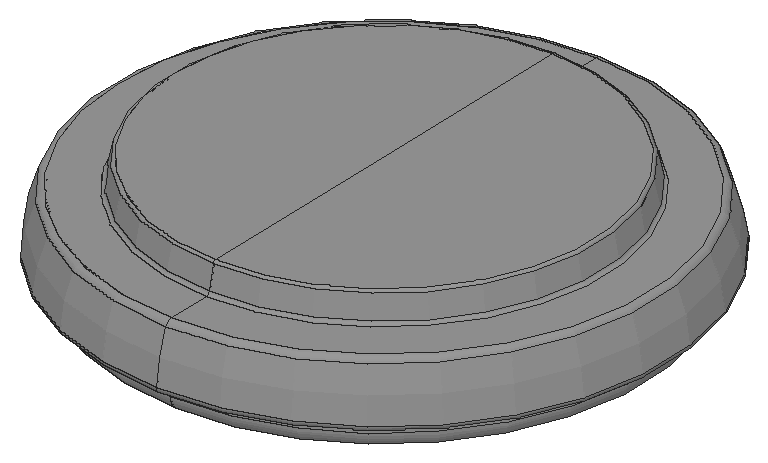
Revit family "FMK11_63_UN_Surface-mounted_ETK", category Lighting Fixtures, Revit 2017 (continued)
Definition of nested family "FMK.1 - Lightsource"
  Types (13, lengths in mm): name | Wattage Comments | Photometric Web File | built-in parameter 1150142 | Apparent Load
      537.1923\t510.3185\t483.5692\t456.7314\t429.1337\r\n401.576\t374.0792\t343.7273\t313.8252\t284.3692\t255.4331\t225.3259\t196.5097\t168.4813\t140.3186\r\n113.6458\t88.3264\t18.7483\t0\t0\t0\r\n874.5378\t873.5718\t871.3143\t868.2482\t864.0699\t858.7769\t852.7475\t845.0684\t836.6126\t826.9223\r\n816.0356\t804.4589\t791.4169\t777.3062\t762.6625\t747.446\t730.8942\t712.4232\t692.6625\t672.1055\r\n651.0285\t629.2854\t606.6172\t583.5472\t559.7246\t535.5937\t510.998\t484.7145\t456.6754\t428.5854\r\n400.4188\t372.2688\t344.6054\t314.312\t284.0728\t254.4418\t225.5761\t195.949\t167.9463\t140.4687\r\n113.4379\t88.1362\t71.0875\t0\t0\t0\r\n874.5378\t873.5778\t871.6724\t868.2862\t864.0811\t858.7397\t852.5389\t845.0283\t836.473\t826.8146\r\n815.9634\t804.3563\t791.3211\t777.2327\t762.3076\t746.381\t729.7628\t712.3959\t693.7249\t673.7875\r\n651.7581\t629.8357\t606.8066\t583.4555\t559.2172\t534.5241\t509.2913\t483.5462\t457.6773\t429.0467\r\n400.3767\t371.4921\t342.6683\t314.0384\t285.1107\t254.3394\t224.7361\t196.0291\t167.3291\t140.3142\r\n113.4771\t87.9507\t64.3151\t0\t0\t0\r\n874.5378\t873.5822\t871.7051\t868.3368\t864.1141\t858.7394\t852.5027\t844.8246\t836.3773\t826.6924\r\n815.914\t804.2489\t791.2202\t777.1011\t762.2471\t746.2464\t729.1785\t711.2863\t692.7002\t673.907\r\n652.9753\t631.371\t607.691\t583.9619\t559.5607\t534.4564\t508.8191\t482.5071\t455.9153\t428.6437\r\n401.3324\t371.8328\t342.2571\t312.8981\t283.7646\t255.346\t224.8809\t195.4228\t167.3581\t139.5585\r\n113.6418\t87.8922\t64.2382\t8.706\t0\t0\r\n874.5378\t873.5855\t871.7317\t868.4005\t864.1694\t858.7759\t852.5146\t844.7936\t836.1476\t826.5974\r\n815.8414\t804.1179\t791.1641\t777.044\t762.0179\t746.1226\t729.0074\t711.1016\t692.1581\t672.6484\r\n651.8985\t630.7307\t608.7859\t585.4082\t561.0742\t535.2728\t509.3136\t482.5582\t455.4728\t427.7626\r\n399.6408\t371.2677\t343.0502\t313.125\t283.1277\t253.5897\t224.8549\t196.0482\t166.9112\t139.4606\r\n112.7413\t87.9277\t63.9944\t42.3586\t0\t0\r\n874.5378\t873.5867\t871.752\t868.8147\t864.2468\t858.849\t852.5761\t844.8291\t836.1248\t826.402\r\n815.637\t804.0021\t791.0582\t776.9612\t761.8798\t746.0517\t728.897\t710.9614\t691.981\t672.329\r\n651.562\t630.0115\t607.5707\t584.3569\t560.6494\t536.4327\t510.8587\t484.1069\t456.3937\t428.1489\r\n399.4861\t370.6147\t341.6019\t312.4602\t283.6857\t253.9408\t223.9958\t195.1331\t167.5701\t139.3336\r\n112.468\t87.1663\t63.2402\t40.6889\t0\t0\r\n874.5378\t873.5864\t871.7659\t868.866\t864.6865\t858.9584\t852.6887\t844.932\t836.1945\t826.4508\r\n815.6455\t803.7881\t790.8174\t776.7697\t761.7967\t745.9151\t728.7914\t710.8409\t691.8706\t672.1189\r\n651.3591\t629.7749\t607.3922\t583.9006\t559.9617\t534.9928\t509.4867\t483.2704\t456.729\t429.5082\r\n401.0192\t371.6464\t342.0585\t312.3406\t282.6359\t252.9848\t223.8483\t195.2469\t166.3321\t138.9274\r\n113.0255\t86.7975\t60.6338\t37.9787\t3.2939\t0\r\n874.5378\t873.5845\t871.7728\t868.9005\t864.7517\t859.4224\t853.2247\t845.4756\t836.3574\t826.6182\r\n815.79\t803.8796\t790.8889\t776.8446\t761.7449\t745.7291\t728.656\t710.7077\t691.7462\t672.0155\r\n651.2864\t629.6375\t607.2429\t583.7384\t559.671\t534.6776\t509.0904\t482.6916\t455.7454\t428.1152\r\n399.9317\t371.2801\t342.2965\t313.1357\t283.8677\t254.0802\t224.01\t194.5414\t166.0764\t138.5035\r\n111.8912\t86.6696\t59.8677\t33.7962\t18.8956\t0\r\n874.5378\t873.5807\t871.7731\t868.9176\t864.7847\t859.4872\t853.3246\t845.6225\t836.9152\t827.2348\r\n816.4319\t804.4961\t791.5391\t777.5398\t762.0928\t745.9632\t728.9504\t711.0046\t692.0376\t672.115\r\n651.4037\t629.6678\t607.2565\t583.8433\t559.7558\t534.7614\t509.1452\t482.7008\t455.6668\t427.9771\r\n399.7331\t370.9579\t341.8861\t312.4368\t282.6709\t253.1872\t223.7471\t194.3836\t166.4978\t139.1964\r\n112.0848\t86.278\t61.7421\t29.4463\t15.7909\t0\r\n874.5378\t873.5755\t871.7661\t868.9174\t864.7857\t859.4991\t853.3397\t845.6535\t836.9663\t827.3039\r\n816.4996\t804.5916\t791.6701\t777.722\t762.7344\t746.5279\t729.6284\t711.7409\t692.8269\t672.8605\r\n652.2142\t630.4644\t608.0729\t584.7833\t560.762\t535.7658\t510.192\t483.7714\t456.7989\t428.9026\r\n400.6212\t371.8524\t342.6601\t313.1727\t283.557\t253.9669\t224.4794\t195.2484\t166.903\t139.071\r\n112.2525\t86.6658\t62.555\t33.1958\t13.3965\t10.8428\r\n874.5378\t873.5683\t871.7522\t868.9\t864.7542\t859.4576\t853.27\t845.5682\t836.871\t827.168\r\n816.3012\t804.3925\t791.4245\t777.4274\t762.0274\t745.8074\t728.8085\t710.8932\t691.9384\t671.9543\r\n651.2316\t629.4622\t607.0318\t583.6717\t559.5989\t534.5809\t508.8838\t482.5296\t455.4505\t427.7122\r\n399.497\t370.5209\t341.4888\t311.9798\t282.4217\t252.9404\t223.3652\t194.0868\t166.1129\t138.7711\r\n111.6707\t85.6632\t61.9355\t31.745\t14.7161\t0\r\n874.5378\t873.5594\t871.7314\t868.8655\t864.6902\t859.3634\t853.116\t845.367\t836.2714\t826.4828\r\n815.5296\t803.6718\t790.659\t776.6219\t761.6045\t745.4178\t728.3728\t710.4776\t691.5383\t671.6976\r\n650.9256\t629.2107\t606.7719\t583.4136\t559.3399\t534.3123\t508.5781\t482.3166\t455.2757\t427.4838\r\n399.4251\t370.5529\t341.6624\t312.4964\t283.2118\t253.4384\t223.2804\t193.749\t165.1177\t137.3662\r\n110.6576\t85.3817\t61.8435\t32.3883\t16.5386\t0\r\n874.5378\t873.5488\t871.7039\t868.8137\t864.5942\t858.8694\t852.5258\t844.7671\t836.0645\t826.2487\r\n815.2581\t803.4749\t790.4663\t776.4419\t761.5884\t745.4647\t728.38\t710.4823\t691.5428\t671.6192\r\n650.8192\t629.1405\t606.6856\t583.4004\t559.3159\t534.2642\t508.6703\t482.5708\t455.9544\t428.4128\r\n400.2011\t370.641\t341.0997\t311.2502\t281.3074\t251.6406\t222.3464\t193.5851\t164.8984\t137.482\r\n111.5561\t85.066\t61.4688\t36.8367\t2.8175\t0\r\n874.5378\t873.5366\t871.6694\t868.7447\t864.1252\t858.7295\t852.3629\t844.6134\t835.95\t826.1321\r\n815.1286\t803.586\t790.5828\t776.5418\t761.5393\t745.4367\t728.3358\t710.4255\t691.4979\t671.6068\r\n650.8316\t629.146\t606.7062\t583.6236\t559.612\t535.2815\t509.4116\t483.0524\t455.0708\t426.7148\r\n398.0643\t369.1044\t340.0497\t310.6902\t281.7444\t251.9973\t222.2199\t193.4802\t166.0353\t137.5909\r\n110.4203\t84.907\t61.229\t38.3068\t0\t0\r\n874.5378\t873.5227\t871.6285\t868.3112\t864.0164\t858.6254\t852.2545\t844.5295\t835.9249\t826.2812\r\n815.2254\t803.5877\t790.567\t776.4972\t761.4942\t745.4868\t728.3802\t710.3903\t691.2948\t671.5659\r\n650.9368\t629.5383\t607.7505\t584.3768\t559.6906\t533.692\t507.346\t480.9531\t453.6267\t425.8941\r\n397.6065\t369.1847\t340.8336\t310.9444\t281.1368\t251.5888\t222.9379\t194.1917\t164.9845\t137.2643\r\n110.323\t85.2793\t61.3599\t39.1384\t0\t0\r\n874.5378\t873.5071\t871.5811\t868.2301\t863.9298\t858.5572\t852.2007\t844.5146\t836.1201\t826.2817\r\n815.2028\t803.6118\t790.5441\t776.488\t761.4852\t745.4399\t728.2014\t710.3975\t691.4949\t672.5998\r\n651.8244\t629.8369\t606.2504\t582.3727\t557.7674\t532.4203\t506.4894\t480.3812\t453.6059\t426.1977\r\n398.6793\t369.3129\t339.8389\t310.5699\t281.4929\t253.1723\t222.7268\t193.2386\t165.0631\t137.0356\r\n110.8843\t85.0985\t61.4941\t8.1914\t0\t0\r\n874.5378\t873.4902\t871.5278\t868.1619\t863.8648\t858.5252\t852.2012\t844.6992\t836.1372\t826.2145\r\n815.2541\t803.5832\t790.4973\t776.4171\t761.2854\t745.3382\t728.3859\t711.3501\t692.1958\t672.2171\r\n650.2374\t628.0707\t604.9181\t581.3745\t557.0695\t531.9922\t506.5216\t480.7971\t454.8203\t426.1843\r\n397.6372\t368.8224\t340.0626\t311.5374\t282.5883\t251.8048\t222.2881\t193.527\t164.7077\t137.4862\r\n110.5445\t84.9836\t61.3334\t0\t0\t0\r\n874.5378\t873.4716\t871.1474\t868.1061\t863.8214\t858.5291\t852.4045\t844.689\t836.1072\t826.1969\r\n815.2373\t803.5188\t790.4219\t776.2264\t761.3979\t746.1378\t729.0821\t711.0239\t690.841\t670.3909\r\n649.1584\t627.2061\t604.2708\t581.0194\t557.0613\t532.5959\t507.844\t481.4188\t453.4997\t425.5058\r\n397.4694\t369.3362\t341.7743\t311.4835\t281.1792\t251.5838\t222.7303\t193.2173\t165.1013\t137.4624\r\n110.4173\t85.0342\t67.548\t0\t0\t0\r\n874.5378\t873.4518\t871.098\t868.062\t863.7991\t858.7481\t852.5\t844.6855\t836.0876\t826.1832\r\n815.211\t803.2747\t790.2758\t776.4052\t762.1799\t746.0472\t728.3438\t709.2535\t689.7636\t669.4388\r\n648.4962\t626.8384\t604.2126\t581.3408\t557.7532\t533.7776\t506.9621\t480.0893\t453.1292\t425.8497\r\n398.3428\t370.8436\t340.593\t310.68\t281.1013\t252.1371\t222.1939\t193.4646\t165.4105\t137.2273\r\n110.4684\t85.0747\t17.8491\t0\t0\t0\r\n874.5378\t873.4307\t871.0546\t868.0295\t863.7979\t858.823\t852.5238\t844.6756\t836.0531\t826.1726\r\n815.0242\t803.267\t790.536\t777.2732\t761.8659\t744.6974\t726.7811\t708.3049\t689.066\t668.8957\r\n648.2678\t626.9323\t604.8346\t582.6715\t558.3432\t532.3764\t506.2836\t480.1082\t453.7371\t426.9201\r\n399.5042\t369.4263\t339.821\t310.7152\t281.9363\t251.5333\t222.3384\t194.1778\t165.0767\t137.1926\r\n110.5867\t85.158\t0\t0\t0\t0\r\n874.5378\t873.4084\t871.0174\t868.0074\t863.9782\t858.855\t852.5347\t844.6615\t836.0073\t826.1602\r\n815.0473\t803.3722\t791.3655\t777.0594\t760.4598\t743.7584\t726.0979\t707.7042\t688.7687\t668.8887\r\n648.5609\t627.6845\t606.2692\t581.8574\t557.0948\t531.8283\t506.5164\t480.8068\t455.3729\t427.7516\r\n397.9966\t368.866\t339.9889\t311.5061\t281.1693\t251.6302\t223.0944\t193.7326\t164.9165\t137.296\r\n110.7672\t92.6719\t0\t0\t0\t0\r\n874.5378\t873.3851\t870.9864\t867.9804\t864.0099\t858.8791\t852.5298\t844.6389\t835.95\t826.0359\r\n815.1802\t804.1752\t791.2075\t775.7259\t759.6064\t743.0978\t725.6624\t707.4716\t688.8183\t669.2989\r\n649.3205\t628.7157\t605.1307\t581.0278\t556.792\t532.1068\t507.2488\t482.5284\t454.9652\t426.3368\r\n397.5234\t369.1232\t340.9559\t310.6969\t281.0219\t252.0617\t222.9785\t193.4688\t165.0023\t137.5269\r\n110.9832\t57.7845\t0\t0\t0\t0\r\n874.5378\t873.361\t870.9611\t867.9764\t864.0397\t858.8947\t852.5099\t844.6086\t835.7159\t826.1116\r\n815.952\t804.107\t789.9901\t774.8418\t758.999\t742.6154\t725.5089\t707.5924\t689.2267\t670.0786\r\n650.3041\t627.4499\t604.3867\t580.9269\t556.9728\t532.9366\t508.8417\t481.897\t453.8789\t425.7503\r\n397.7895\t370.0639\t340.319\t310.5456\t281.3872\t252.7353\t222.5949\t193.4507\t165.1616\t137.768\r\n111.2268\t0\t0\t0\t0\t0\r\n874.5378\t873.3357\t870.9415\t867.9821\t864.067\t858.9014\t852.465\t844.5526\t835.697\t826.2614\r\n816.0864\t803.6152\t789.202\t774.2582\t758.6697\t742.3064\t725.6242\t708.0264\t689.8951\t671.1272\r\n649.0676\t626.8292\t604.1416\t581.0734\t557.6848\t534.63\t508.4278\t480.9271\t453.3281\t425.9125\r\n398.728\t369.5453\t339.9046\t310.7678\t282.3063\t252.2366\t222.4436\t193.5077\t165.3959\t138.0713\r\n121.3613\t0\t0\t0\t0\t0\r\n874.5378\t872.9774\t870.9624\t868.1791\t864.092\t858.8967\t852.3319\t844.3515\t835.7488\t826.9915\r\n815.9889\t802.3564\t788.584\t773.8981\t758.5075\t742.3275\t725.9478\t708.7198\t690.9781\t670.0402\r\n648.425\t626.5008\t604.2788\t581.6461\t559.4292\t534.6424\t507.435\t480.4643\t453.4368\t426.4353\r\n398.8264\t369.0672\t339.9817\t311.2998\t282.1365\t251.941\t222.4806\t193.7413\t165.6824\t138.3686\r\n92.7694\t0\t0\t0\t0\t0\r\n874.5378\t872.9521\t870.951\t868.1967\t864.1148\t858.8619\t852.2664\t844.3465\t835.8721\t827.0222\r\n815.5225\t801.7478\t788.1341\t773.6613\t758.5189\t742.6444\t726.4356\t710.0644\t690.0841\t669.3074\r\n648.1138\t626.5633\t604.9057\t582.6996\t559.6685\t533.2\t506.8356\t480.4643\t454.0791\t427.2698\r\n397.9034\t368.9925\t340.3708\t312.1658\t281.7084\t251.8435\t222.5897\t193.9868\t166.0251\t138.699\r\n14.9663\t0\t0\t0\t0\t0\r\n874.5378\t872.9285\t870.9433\t868.212\t864.1354\t858.8421\t852.2069\t844.3899\t836.6052\t826.7985\r\n814.3264\t801.2999\t787.8124\t773.5896\t758.7203\t743.1742\t727.5886\t709.9551\t689.3562\t668.923\r\n648.2026\t627.0816\t605.5443\t584.0246\t558.2718\t532.554\t506.7208\t480.8279\t455.1122\t426.5682\r\n397.6913\t369.2033\t341.0246\t311.5899\t281.4368\t251.7971\t222.7655\t194.3008\t166.4016\t153.2556\r\n0\t0\t0\t0\t0\t0\r\n874.5378\t872.9069\t870.9386\t868.2257\t864.185\t858.8183\t851.9755\t844.5097\t836.6798\t826.3234\r\n813.784\t800.9822\t787.5701\t773.6819\t759.0134\t743.8787\t727.9122\t708.6283\t688.9772\t668.8748\r\n648.4573\t627.6471\t607.2662\t582.8449\t557.6585\t532.2931\t506.9896\t481.5344\t454.5783\t426.0799\r\n397.8116\t369.7484\t341.7884\t311.1765\t281.2486\t251.8609\t222.9676\t194.5925\t166.7495\t135.4469\r\n0\t0\t0\t0\t0\t0\r\n874.5378\t872.8873\t870.9363\t868.2381\t864.1949\t858.791\t852.0553\t844.6019\t836.5831\t825.2274\r\n813.3331\t800.7868\t787.5218\t773.9534\t759.4913\t745.1929\t727.0053\t707.9728\t688.7873\t668.9993\r\n649.0036\t629.299\t606.9956\t581.9623\t557.3651\t532.4466\t507.4576\t482.3684\t454\t425.9998\r\n398.1114\t370.8218\t340.9856\t310.9265\t281.2218\t251.9715\t223.2218\t194.9282\t167.063\t93.5989\r\n0\t0\t0\t0\t0\t0\r\n874.5378\t872.8692\t870.9368\t868.25\t864.1949\t858.7593\t852.1064\t845.2098\t836.3088\t824.7548\r\n812.9482\t800.638\t787.6594\t774.2694\t760.1867\t745.2601\t726.4795\t707.6945\t688.8051\t669.3589\r\n649.7637\t629.8292\t605.7869\t581.5746\t557.2111\t532.8607\t508.6718\t481.3983\t453.7475\t426.1148\r\n398.6647\t371.0606\t340.6131\t310.7157\t281.1881\t252.152\t223.4993\t195.2628\t167.4196\t13.2541\r\n0\t0\t0\t0\t0\t0\r\n874.5378\t872.8494\t870.939\t868.2666\t864.1885\t858.7139\t852.1766\t845.1624\t835.9373\t824.414\r\n812.6672\t800.5604\t787.8615\t774.6067\t761.4721\t744.1557\t726.2023\t707.6318\t688.8733\t670.0819\r\n651.1927\t628.8454\t605.2276\t581.4412\t557.6111\t533.479\t508.7908\t481.0305\t453.6399\t426.472\r\n399.7939\t370.2583\t340.2739\t310.5922\t281.3168\t252.3789\t223.7711\t195.5688\t180.0939\t0\r\n0\t0\t0\t0\t0\t0\r\n874.5378\t872.8345\t870.9428\t868.2788\t864.1751\t858.672\t852.2572\t845.1349\t835.013\t824.0988\r\n812.5028\t800.5405\t788.1073\t775.2296\t761.604\t743.727\t725.923\t707.76\t689.2865\t670.7182\r\n651.5245\t628.1751\t604.897\t581.4903\t558.0072\t534.7468\t508.0518\t480.868\t453.8544\t426.9476\r\n400.0277\t369.8302\t340.067\t310.5716\t281.4306\t252.5944\t224.1092\t195.9748\t157.197\t0\r\n0\t0\t0\t0\t0\t0\r\n874.5378\t872.8219\t870.9477\t868.2897\t864.1558\t858.453\t852.3157\t845.0791\t834.6249\t823.796\r\n812.4475\t800.5442\t788.459\t776.4141\t761.1442\t743.4574\t725.8335\t708.0663\t689.8824\t672.0721\r\n650.6803\t627.7465\t604.8006\t581.743\t558.6289\t534.7917\t507.7168\t481.3787\t454.4154\t428.0592\r\n399.2589\t369.4126\t339.8892\t310.6205\t281.6174\t252.8834\t224.4504\t196.3059\t118.3434\t0\r\n0\t0\t0\t0\t0\t0\r\n874.5378\t872.8107\t870.9534\t868.2996\t864.1176\t858.4334\t852.4115\t845.0974\t834.2703\t823.5867\r\n812.5083\t800.7278\t788.8292\t776.5746\t760.1341\t743.1717\t725.8886\t708.4254\t690.6393\t672.4379\r\n649.9567\t627.6406\t604.9496\t582.2043\t559.7484\t533.8654\t507.4859\t481.1029\t455.4086\t429.164\r\n398.971\t369.1463\t339.8235\t310.6736\t281.8098\t253.1968\t224.8415\t196.7255\t31.9915\t0\r\n0\t0\t0\t0\t0\t0\r\n874.5378\t872.8015\t871.1429\t868.308\t864.1004\t858.4294\t853.0114\t844.9043\t833.8973\t823.4907\r\n812.5544\t801.0655\t789.1452\t776.5354\t759.7264\t742.9408\t726.0542\t708.8403\t692.1219\t672.26\r\n649.5891\t627.4363\t605.2852\t582.8997\t559.9971\t533.5288\t507.4298\t481.4059\t455.4431\t428.6033\r\n399.2041\t369.4637\t339.9591\t310.8159\t282.0774\t253.5515\t225.2304\t213.5555\t1.3866\t0\r\n0\t0\t0\t0\t0\t0\r\n874.5378\t872.7941\t871.1174\t868.3155\t864.0856\t858.4398\t852.9888\t844.0705\t833.6942\t823.3962\r\n812.5777\t801.475\t790.2465\t775.5141\t759.3445\t742.9683\t726.1921\t709.3398\t692.5373\t671.2616\r\n649.4168\t627.5109\t605.553\t584.2067\t559.2507\t533.4118\t507.5734\t481.8005\t456.5115\t427.6425\r\n398.2456\t369.0111\t340.349\t311.4724\t282.5248\t253.9431\t225.6406\t197.3849\t0\t0\r\n0\t0\t0\t0\t0\t0\r\n874.5378\t872.7884\t871.1198\t868.3214\t864.0714\t858.4701\t852.9325\t843.7409\t833.6473\t823.2429\r\n812.7131\t801.8505\t790.691\t774.9735\t759.1347\t742.9272\t726.5629\t709.8764\t692.4735\t670.8095\r\n649.3575\t627.7671\t606.0971\t584.3736\t559.0374\t533.3513\t507.7778\t482.2777\t456.7614\t427.209\r\n398.0085\t368.9449\t340.0432\t311.3117\t282.7547\t254.4763\t226.1867\t170.8479\t0\t0\r\n0\t0\t0\t0\t0\t0\r\n874.5378\t872.7847\t871.1223\t868.338\t864.0578\t858.5237\t852.8341\t843.4478\t833.5488\t823.2067\r\n812.9309\t802.161\t790.8695\t774.7542\t758.9229\t743.0095\t726.8766\t711.1584\t691.5004\t670.4968\r\n649.3255\t628.0131\t606.6955\t584.4671\t558.616\t533.3076\t508.1456\t482.8324\t456.4182\t426.833\r\n397.8704\t368.9464\t340.1717\t311.549\t283.0694\t254.7372\t226.55\t135.9928\t0\t0\r\n0\t0\t0\t0\t0\t0\r\n874.5378\t872.7827\t871.1248\t868.3385\t864.0404\t858.6363\t852.6731\t843.1397\t833.4635\t823.2886\r\n813.0276\t802.6322\t790.6786\t774.6813\t758.8626\t743.1652\t727.2359\t711.4659\t691.1113\t670.2713\r\n649.4165\t628.407\t607.697\t583.5695\t558.5595\t533.5279\t508.37\t483.7612\t455.5512\t426.5722\r\n397.6973\t368.9345\t340.3225\t311.8335\t283.4464\t255.1709\t250.9827\t49.0323\t0\t0\r\n0\t0\t0\t0\t0\t0\r\n874.5378\t872.7824\t871.1273\t868.3336\t864.0218\t858.7104\t852.5489\t842.8917\t833.3688\t823.3781\r\n813.1947\t803.6353\t789.7431\t774.5645\t758.9698\t743.3083\t727.755\t711.4599\t690.7643\t670.1637\r\n649.5053\t628.8581\t608.1902\t583.3468\t558.4625\t533.6548\t508.8402\t484.1538\t455.201\t426.3018\r\n397.6395\t369.0329\t340.5025\t312.0882\t283.7884\t255.6057\t247.447\t20.395\t0\t0\r\n0\t0\t0\t0\t0\t0\r\n874.5378\t872.7842\t871.13\t868.3244\t863.8177\t858.7744\t852.4437\t842.6847\t833.222\t823.5262\r\n813.4184\t803.7318\t789.472\t774.355\t759.2004\t743.6342\t728.0876\t711.4192\t690.4506\t670.1786\r\n649.6945\t629.1648\t608.1704\t583.2992\t558.6503\t533.8852\t509.326\t484.0605\t454.8593\t426.225\r\n397.6911\t369.1505\t340.6853\t312.3818\t284.1728\t256.0384\t237.1609\t0\t0\t0\r\n0\t0\t0\t0\t0\t0\r\n874.5378\t872.7874\t871.133\t868.3112\t863.819\t859.3046\t852.4209\t842.5108\t833.1295\t823.6174\r\n813.7004\t803.7124\t789.1229\t774.26\t759.223\t744.1329\t729.3142\t710.2648\t690.3864\t670.1592\r\n649.9661\t629.794\t607.8971\t583.0212\t558.7433\t534.3983\t510.4872\t483.2263\t454.6172\t426.1513\r\n397.6846\t369.266\t340.9541\t312.7436\t284.584\t256.5004\t221.7078\t0\t0\t0\r\n0\t0\t0\t0\t0\t0\r\n874.5378\t872.7926\t871.1365\t868.2726\t863.8123\t859.3416\t852.2686\t842.4314\t833.065\t823.6221\r\n814.0622\t803.7139\t788.8391\t774.1231\t759.2704\t744.3484\t729.6577\t710.2353\t690.1562\t670.31\r\n650.3185\t630.635\t6
      07.254\t583.0959\t558.7842\t534.5868\t510.9239\t483.162\t454.6901\t426.2272\r\n397.7657\t369.4458\t341.2148\t313.0653\t284.9522\t256.9235\t202.3618\t0\t0\t0\r\n0\t0\t0\t0\t0\t0\r\n874.5378\t872.7993\t871.1166\t868.2572\t863.8063\t859.3721\t851.5001\t842.4617\t833.0791\t823.7032\r\n814.2286\t803.8126\t788.6492\t774.0281\t759.3653\t744.5446\t729.5962\t709.9595\t690.3358\t670.5518\r\n650.6352\t630.9604\t607.0703\t583.0666\t559.1029\t535.0702\t511.134\t482.831\t454.4883\t426.2376\r\n398.0035\t369.7985\t341.6168\t313.4983\t285.4299\t257.4451\t180.4155\t0\t0\t0\r\n0\t0\t0\t0\t0\t0\r\n874.5378\t872.808\t871.1226\t868.245\t863.8001\t859.4232\t851.3304\t842.4052\t833.2185\t823.8307\r\n814.4499\t803.611\t788.6712\t774.074\t759.4764\t744.8784\t729.556\t709.6624\t690.1842\t670.6245\r\n651.1255\t631.2163\t607.0184\t583.0926\t559.177\t535.3177\t511.3009\t482.83\t454.5751\t426.2887\r\n398.0948\t369.959\t341.8881\t313.8666\t285.8902\t257.9527\t156.8784\t0\t0\t0\r\n0\t0\t0\t0\t0\t0\r\n874.5378\t872.8184\t871.1327\t868.2366\t863.7659\t859.442\t851.1995\t842.2831\t833.2931\t824.0742\r\n815.3474\t802.8117\t788.5502\t774.2374\t759.7599\t745.2055\t729.4821\t709.6885\t690.3288\t670.7949\r\n651.2991\t631.0308\t606.9175\t583.2677\t559.5088\t535.716\t511.1151\t482.5063\t454.3613\t426.2954\r\n398.3135\t370.292\t342.2782\t314.28\t286.2865\t285.7104\t75.7514\t0\t0\t0\r\n0\t0\t0\t0\t0\t0\r\n874.5378\t872.8303\t871.1474\t868.2319\t863.7671\t859.4492\t851.1179\t842.2219\t833.2847\t824.2664\r\n815.6777\t802.7252\t788.5708\t774.3078\t760.0126\t746.2546\t729.4181\t709.6036\t690.4208\t671.2998\r\n652.0436\t631.1536\t606.885\t583.2315\t559.6544\t536.0892\t511.0662\t482.478\t454.4372\t426.4124\r\n398.4095\t370.4465\t342.5088\t314.5962\t286.7324\t284.7759\t56.2397\t0\t0\t0\r\n0\t0\t0\t0\t0\t0\r\n874.5378\t872.9292\t871.1662\t868.2222\t863.7828\t859.4115\t851.0383\t842.1901\t833.3088\t824.3775\r\n815.8992\t802.6644\t788.5706\t774.4926\t760.3018\t746.6516\t728.7718\t709.6587\t690.5486\t671.4178\r\n652.8694\t630.6985\t607.2176\t583.6288\t560.013\t536.9103\t510.2848\t482.3372\t454.4364\t426.5228\r\n398.6154\t370.7206\t342.8538\t315.0007\t287.1577\t282.0541\t40.6303\t0\t0\t0\r\n0\t0\t0\t0\t0\t0\r\n874.5378\t872.9421\t871.1895\t868.2289\t863.813\t859.4289\t850.9458\t842.1785\t833.3425\t824.4884\r\n816.0098\t802.6081\t788.5081\t774.4197\t760.5076\t747.0261\t728.9124\t709.75\t690.6681\t671.6222\r\n653.1125\t630.6166\t607.191\t583.7136\t560.2623\t537.2756\t510.2714\t482.4034\t454.5235\t426.6428\r\n398.7845\t370.9388\t343.1172\t315.3122\t287.5372\t278.281\t28.3147\t0\t0\t0\r\n0\t0\t0\t0\t0\t0\r\n874.5378\t872.9536\t871.2178\t868.2423\t863.8973\t859.4757\t850.9192\t842.1772\t833.407\t824.5792\r\n816.0584\t802.5411\t788.5733\t774.5563\t760.425\t746.7394\t728.5126\t709.8467\t690.9749\t672.0158\r\n653.3897\t630.5492\t607.23\t583.911\t560.6015\t537.6543\t510.3862\t482.5319\t454.6872\t426.8534\r\n399.0246\t371.2208\t343.4282\t315.6487\t287.897\t274.075\t18.7649\t0\t0\t0\r\n0\t0\t0\t0\t0\t0\r\n874.5378\t872.9635\t871.2508\t868.2624\t863.9335\t859.6451\t850.945\t842.2266\t833.498\t824.7344\r\n816.1561\t802.4519\t788.4984\t774.5534\t760.6869\t746.9877\t728.5191\t709.72\t690.8923\t672.1174\r\n653.6104\t630.6843\t607.411\t584.1119\t560.8297\t537.813\t510.3909\t482.6159\t454.8709\t427.0912\r\n399.3256\t371.5648\t343.7972\t316.0485\t288.2968\t270.0522\t11.5459\t0\t0\t0\r\n0\t0\t0\t0\t0\t0\r\n874.5378\t872.9714\t871.3639\t868.2884\t863.9556\t859.6826\t851.0876\t842.3925\t833.6237\t824.9127\r\n816.3267\t802.6034\t788.7087\t774.7074\t760.7517\t746.9554\t728.4273\t709.7284\t691.0773\t672.3444\r\n653.7585\t630.7193\t607.5092\t584.2858\t561.074\t538.0033\t510.443\t482.7079\t454.9761\t427.2487\r\n399.5129\t371.7934\t344.0769\t316.3533\t288.6432\t266.5167\t6.2928\t0\t0\t0\r\n0\t0\t0\t0\t0\t0\r\n874.5378\t872.9779\t871.3936\t868.3509\t863.9618\t859.6622\t851.08\t842.4429\t833.8043\t825.1533\r\n816.5375\t802.7559\t788.8974\t775.0675\t761.2477\t747.4784\t728.8517\t710.1629\t691.4644\t672.7759\r\n654.0767\t630.9276\t607.7084\t584.5\t561.3026\t538.1756\t510.5621\t482.8684\t455.1604\t427.4669\r\n399.7643\t372.0719\t344.378\t316.6918\t288.9912\t263.8668\t2.734\t0\t0\t0\r\n0\t0\t0\t0\t0\t0\r\n874.5378\t872.9823\t871.4164\t868.3794\t863.9122\t859.4661\t850.884\t842.2908\t833.7953\t825.1875\r\n816.5804\t802.7805\t788.9656\t775.15\t761.3335\t747.5231\t728.8636\t710.1726\t691.4937\t672.8166\r\n654.1476\t630.9852\t607.8098\t584.6146\t561.4286\t538.2518\t510.6042\t482.9378\t455.2737\t427.6085\r\n399.9451\t372.281\t344.6062\t316.9428\t289.2806\t262.2707\t0.6743\t0\t0\t0\r\n0\t0\t0\t0\t0\t0" | 25 VA
  Reference planes
    plane 1 "Center (Front/Back)": y = 0
    plane 2: z = 0
    plane 3 "Center (Left/Right)": x = 0
  Dimensions and locks
    aligned and locked: level to plane 2
Types (6): name
  FMK.1109.10 - Ø250x48 / 12W
  FMK.1129.10 - Ø250x48 / 12W
  FMK.1139.10 - Ø250x48 / 12W
  FMK.1109.10N - Ø250x48 / 12W
  FMK.1129.10N - Ø250x48 / 12W
  FMK.1139.10N - Ø250x48 / 12W
